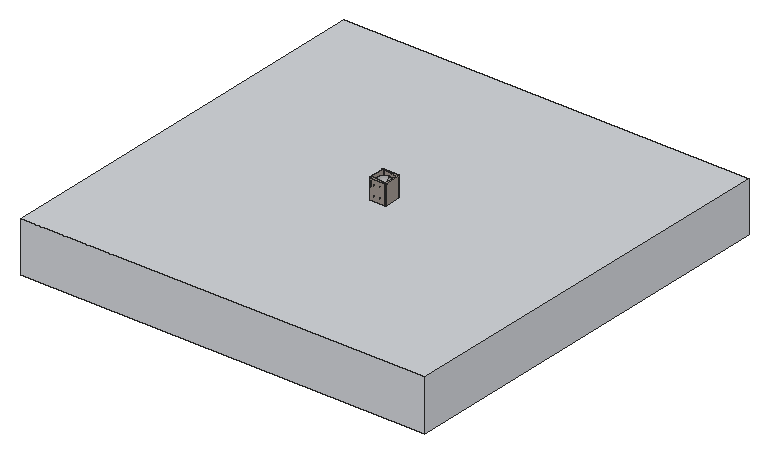
Revit family "DownlightConcreto_DLQC-SBP9W_DLQC-SBP18W_PowerLume", category Luminárias, Revit 2022
Family settings
  Hospedeiro = Face
  Cota do conector redondo = Utilizar diâmetro
  Tipo de parte = Normal
  Número OmniClass = 23.80.70.14.17
  Título OmniClass = Exterior Spotlights
  Corte com vazios quando carregada = Sim
  Fonte luminosa = Não
  Manter orientação da anotação = Não
  Compartilhado = Sim
  Ponto de cálculo do ambiente = Não
Parameters (values of type "DLQC-SBP9W")
  Ângulo de abertura = "80°"
  Voltagem Luminária = 0 V
  Vida útil = "60000h"
  Versão = 1  # constant formula
  URL do produto = "https://www.powerlume.com.br/produtos/downlight-quadrado-sobrepor"
  URL = "https://www.powerlume.com.br/"
  Tipo de imagem = FOTO DLQC-SBP9W.png
  Temperatura de cor = "3000K"  # constant formula
  Potência = "9W"
  Peso = "0"
  Modelo de luminária = DownlightConcreto_DLQC-SBP9W_Base_PowerLume : DLQC-SBP9W
  Modelo = "DLQC-SBP9W"
  Manual de instalação = ""
  Lâmpada = "Placa LED"
  Localização = "Caxias do Sul - RS / Brasil"  # constant formula
  IfcExportAs = "IfcLightFixtureType"  # constant formula
  IRC = "85"  # constant formula
  IP = "65"  # constant formula
  Frame = Concreto, leve
  Fluxo luminoso = "1170 lm"
  Ficha técnica = ""
  Fator de Potência Luminária = 1
  Fabricante = "Power Lume"  # constant formula
  Default Elevation = 1219.2 mm
  Profundidade = 102 mm
  Refletor = Metal - Alumínio Anodizado
  Descrição = "Downlight de sobrepor LED em concreto"  # constant formula
  Data da atualização = "06/03/2025"  # constant formula
  Assembly Code = ""
  Contato do fabricante = "(54) 3066-6488"  # constant formula
  Comentários de voltagem = "110 ou 220Vac 50/60Hz com driver incorporado"
  Catálogo de produtos = "https://www.powerlume.com.br/downloads"
  Carga Aparente Luminária = 0 VA
  Largura = 102 mm
  Altura = 120 mm
Types (2, lengths in mm): name | Tipo de imagem | Potência | Modelo de luminária | Modelo | Fluxo luminoso | Profundidade | Largura | Altura
  DLQC-SBP9W | FOTO DLQC-SBP9W.png | "9W" | DownlightConcreto_DLQC-SBP9W_Base_PowerLume : DLQC-SBP9W | "DLQC-SBP9W" | "1170 lm" | 102 | 102 | 120
  DLQC-SBP18W | FOTO DLQC-SBP18W.png | "18W" | DownlightConcreto_DLQC-SBP18W_Base_PowerLume : DLQC-SBP18W | "DLQC-SBP18W" | "2340 lm" | 175 | 150 | 150
Reference planes
  plane 1 "Centro (Frente/Trás)": y = 0
  plane 2: z = 0
  plane 3 "Centro (Esquerda/Direita)": x = 0
  plane 4: y = 0
Forms (mm)
  Extrusion 1, solid
    sketch origin (0, 0, 0) x (1, 0, 0) y (0, 1, 0)
      loop
        line (-1219.2, 1219.2) -> (-1219.2, -1219.2) -> (1219.2, -1219.2) -> (1219.2, 1219.2) -> (-1219.2, 1219.2)
    from 0 to -304.8
Dimensions and locks
  aligned and locked: plane 2 to Extrusion 1
  aligned and locked: level to Extrusion 1
Nested families
  nested 1: "DownlightConcreto_DLQC-SBP9W_Base_PowerLume" at (0, 0, 0), type <- "Modelo de luminária", type "DLQC-SBP9W"
Connectors
  electrical at (0, 0, 0), driven by "Fator de Potência Luminária", driven by "Carga Aparente Luminária", driven by "Voltagem Luminária"
    settings: on nested 1, index 1, voltage 0 V, apparent load 0 VA, apparent load phase1 0 VA, apparent load phase2 0 VA, apparent load phase3 0 VA, power factor 1, load classification "Outro", number of poles 1, system type 31, power factor state 1, is connector primary yes, connector utility no, sub classification motor no, connector description ""
Definition of nested family "DownlightConcreto_DLQC-SBP9W_Base_PowerLume"
  Parameters (values of type "DLQC-SBP9W")
    Ângulo de abertura = "80°"
    Voltagem Luminária = 0 V
    Vida útil = "60000h"
    Versão = 1  # constant formula
    URL do produto = "https://www.powerlume.com.br/produtos/downlight-quadrado-sobrepor"
    URL = "https://www.powerlume.com.br/"
    Type Image = element 105294
    Temperatura de cor = "3000K"
    Refletor = none
    Potência = "9W"  # constant formula
    Peso = "0"
    Model = "DLQC-SBP9W"  # constant formula
    Manual de instalação = ""
    Lamp = "Placa LED"
    Localização = "Caxias do Sul - RS / Brasil"  # constant formula
    IfcExportAs = "IfcLightFixtureType"  # constant formula
    IRC = "85"  # constant formula
    IP = "65"  # constant formula
    Frame = none
    Fluxo luminoso = "1170 lm"
    Ficha técnica = ""
    Fator de Potência Luminária = 1
    Manufacturer = "Power Lume"  # constant formula
    Default Elevation = 1219.2 mm
    Profundidade = 102 mm  # constant formula
    Description = "Downlight de sobrepor LED em concreto"
    Data da atualização = "25/02/2025"  # constant formula
    Assembly Code = ""
    Contato do fabricante = "(54) 3066-6488"  # constant formula
    Wattage Comments = "110 ou 220Vac 50/60Hz com driver incorporado"
    Catálogo de produtos = "https://www.powerlume.com.br/downloads"
    Carga Aparente Luminária = 0 VA
    Largura = 102 mm  # constant formula
    Altura = 120 mm  # constant formula
  Reference planes
    plane 1 "Centro (Frente/Trás)": y = 0
    plane 2: z = 0
    plane 3 "Centro (Esquerda/Direita)": x = 0
    plane 4: y = 0
  Forms (mm)
    Extrusion 1, solid
      sketch origin (0, 0, 0) x (1, 0, 0) y (0, 1, 0)
        loop
          line (-1219.2, 1219.2) -> (-1219.2, -1219.2) -> (1219.2, -1219.2) -> (1219.2, 1219.2) -> (-1219.2, 1219.2)
      from 0 to -304.8
    Sweep 2, solid, material <- "Frame"
      path origin (0, 0, 0) x (0, 1, 0) y (0, 0, 1)
        loop
          line (0, 0) -> (0, 120)
      profile origin (0, 0, 60) x (0, -1, 0) y (1, 0, 0)
        loop
          line (-45, -51) -> (45, -51)
          arc (45, -51) -> (46.921, -50.684) -> (48.641, -49.769) r 6
          arc (48.641, -49.769) -> (48.677, -48.677) -> (49.769, -48.641) r 0.8
          arc (49.769, -48.641) -> (50.684, -46.921) -> (51, -45) r 6
          line (51, -45) -> (51, 45)
          arc (51, 45) -> (50.684, 46.921) -> (49.769, 48.641) r 6
          arc (49.769, 48.641) -> (48.677, 48.677) -> (48.641, 49.769) r 0.8
          arc (48.641, 49.769) -> (46.921, 50.684) -> (45, 51) r 6
          line (45, 51) -> (-45, 51)
          arc (-45, 51) -> (-46.921, 50.684) -> (-48.641, 49.769) r 6
          arc (-48.641, 49.769) -> (-48.677, 48.677) -> (-49.769, 48.641) r 0.8
          arc (-49.769, 48.641) -> (-50.684, 46.921) -> (-51, 45) r 6
          line (-51, 45) -> (-51, -45)
          arc (-51, -45) -> (-50.684, -46.921) -> (-49.769, -48.641) r 6
          arc (-49.769, -48.641) -> (-48.677, -48.677) -> (-48.641, -49.769) r 0.8
          arc (-48.641, -49.769) -> (-46.921, -50.684) -> (-45, -51) r 6
        loop
          arc (-45, -42) -> (-44.121, -44.121) -> (-42, -45) r 3
          line (-42, -45) -> (42, -45)
          arc (42, -45) -> (44.121, -44.121) -> (45, -42) r 3
          line (45, -42) -> (45, 42)
          arc (45, 42) -> (44.121, 44.121) -> (42, 45) r 3
          line (42, 45) -> (-42, 45)
          arc (-42, 45) -> (-44.121, 44.121) -> (-45, 42) r 3
          line (-45, 42) -> (-45, -42)
    Extrusion 3, void
      sketch origin (0, 0, 0) x (0, 1, 0) y (0, 0, 1)
        loop
          circle (-20, 90) r 3.5
        loop
          circle (20, 90) r 3.5
        loop
          circle (20, 30) r 3.5
        loop
          circle (-20, 30) r 3.5
      from 48 to 51
    Extrusion 4, void
      sketch origin (0, 0, 0) x (0, 1, 0) y (0, 0, -1)
        loop
          circle (-20, -90) r 3.5
        loop
          circle (20, -90) r 3.5
        loop
          circle (20, -30) r 3.5
        loop
          circle (-20, -30) r 3.5
      from 48 to 51
    Extrusion 5, void
      sketch origin (0, 0, 0) x (-1, 0, 0) y (0, 0, -1)
        loop
          circle (-20, -90) r 3.5
        loop
          circle (20, -90) r 3.5
        loop
          circle (20, -30) r 3.5
        loop
          circle (-20, -30) r 3.5
      from 48 to 51
    Extrusion 6, void
      sketch origin (0, 0, 0) x (-1, 0, 0) y (0, 0, 1)
        loop
          circle (-20, 90) r 3.5
        loop
          circle (20, 90) r 3.5
        loop
          circle (20, 30) r 3.5
        loop
          circle (-20, 30) r 3.5
      from 48 to 51
    Extrusion 7, solid, material <- "Frame"
      sketch origin (0, 0, 0) x (1, 0, 0) y (0, 1, 0)
        loop
          arc (-42, 45) -> (-44.121, 44.121) -> (-45, 42) r 3
          line (-45, 42) -> (-45, -42)
          arc (-45, -42) -> (-44.121, -44.121) -> (-42, -45) r 3
          line (-42, -45) -> (42, -45)
          arc (42, -45) -> (44.121, -44.121) -> (45, -42) r 3
          line (45, -42) -> (45, 42)
          arc (45, 42) -> (44.121, 44.121) -> (42, 45) r 3
          line (42, 45) -> (-42, 45)
      from 0 to 68.828
    Revolve 8, solid, material <- "Refletor"
      sketch origin (0, 0, 0) x (0, 1, 0) y (0, 0, 1)
        loop
          arc (10.716, 70) -> (26.162, 84.967) -> (33.988, 105) r 50.557
          line (33.988, 105) -> (35, 105)
          arc (35, 105) -> (27.289, 84.862) -> (12.016, 69.639) r 51.557
          line (12.016, 69.639) -> (12.016, 68.8) -> (10.716, 68.8) -> (0, 68.8) -> (0, 70.1) -> (10.716, 70.1)
        axis (0, 68.8) -> (0, 105)
      angle from 0 to 360
    Extrusion 9, solid
      sketch origin (0, 0, 0) x (1, 0, 0) y (0, 1, 0)
        loop
          circle (0, 0) r 2
      from 70.1 to 71.5
    Revolve 10, solid, material <- "Frame"
      sketch origin (0, 0, 0) x (0, 1, 0) y (0, 0, 1)
        loop
          arc (-12.016, 69.639) -> (-27.402, 84.789) -> (-35, 105) r 50.201
          line (-35, 105) -> (-36.01, 105)
          arc (-36.01, 105) -> (-28.914, 85.309) -> (-14.531, 70.104) r 51.201
          line (-14.531, 70.104) -> (-14.531, 68.838) -> (-12.016, 68.838) -> (-12.016, 69.639)
        axis (0, 68.838) -> (0, 105)
      angle from 0 to 360
  Cuts and joins
    Extrusion 3, Extrusion 4, Extrusion 5, Extrusion 6 cuts Sweep 2
    joined: Sweep 2, Extrusion 7
  Dimensions and locks
    aligned and locked: plane 2 to Extrusion 1
    aligned and locked: level to Extrusion 1
  Nested families
    nested 1: "ArandelaConcreto_DLQC-SBP9W_FonteLuminosa_PowerLume" at (0.147, 0, 71.5) x (1, 0, 0) z (0, 0, -1), type "3000K"
  Definition of nested family "ArandelaConcreto_DLQC-SBP9W_FonteLuminosa_PowerLume"
    Parameters (values of type "3000K")
      Tilt Angle = 90.00°  # constant formula
      Wattage = 27.5618 W
      Dimming Lamp Color Temperature Shift = (empty or 0)
      built-in parameter 1150107 = 3000 (stored number, unit not read)
      built-in parameter 1150110 = 1 (stored number, unit not read)
      built-in parameter 1150109 = 1 (stored number, unit not read)
      built-in parameter 1114218 = 1 (stored number, unit not read)
      built-in parameter 1150112 = 1 (stored number, unit not read)
      built-in parameter 1150113 = 1 (stored number, unit not read)
      built-in parameter 1150132 = 2
      built-in parameter 1150137 = (empty or 0)
      built-in parameter 1150106 = 0.93106 (stored number, unit not read)
      built-in parameter 1150102 = (empty or 0)
      built-in parameter 1150105 = 93.106 (stored number, unit not read)
      Color Filter = 16777215
      built-in parameter 1114217 = 1 (stored number, unit not read)
      built-in parameter 1150139 = (empty or 0)
      Default Elevation = 1219.2 mm
      built-in parameter 1150104 = 3.9437 (stored number, unit not read)
      built-in parameter 1150115 = 1 (stored number, unit not read)
      built-in parameter 1150114 = 1 (stored number, unit not read)
      Lumens = 1170 lm
      built-in parameter 1150138 = (empty or 0)
      built-in parameter 1150134 = (empty or 0)
      Photometric Web File = "DLQC-SBP9W.ies"
      built-in parameter 1150133 = 10 (stored number, unit not read)
    Reference planes
      plane 1 "Centro (Frente/Trás)": y = 0
      plane 2: z = 0
      plane 3 "Centro (Esquerda/Direita)": x = 0
    Forms (mm)
      Extrusion 1, solid
        sketch origin (0, 0, 0) x (1, 0, 0) y (0, 1, 0)
          loop
            line (-1219.2, 1219.2) -> (-1219.2, -1219.2) -> (1219.2, -1219.2) -> (1219.2, 1219.2) -> (-1219.2, 1219.2)
        from 0 to -304.8
    Dimensions and locks
      aligned and locked: plane 2 to Extrusion 1
      aligned and locked: level to Extrusion 1
